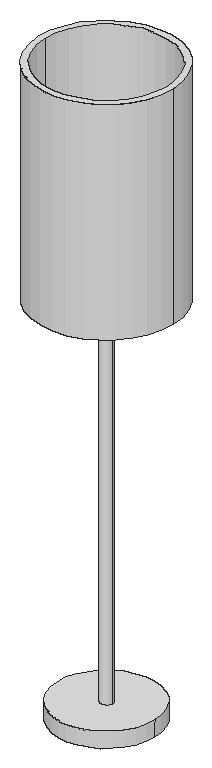
Revit family "Lighting-Surface-Amerlux-Rook-250-Mini-Direct-Indirect", category Lighting Fixtures, host Face, Revit 2020
Family settings
  Host = Face
  Round Connector Dimension = Use Diameter
  Part Type = Normal
  Cut with Voids When Loaded = No
  Light Source = Yes
  Shared = No
  Room Calculation Point = No
Parameters (values of type "RK250MRDI")
  Wattage = 9.2903 W
  built-in parameter 1150110 = 1 (stored number, unit not read)
  Voltage = 0 V
  URL = "http://www.amerlux.com/"
  built-in parameter 1114217 = 1 (stored number, unit not read)
  Tilt Angle = -90.00°
  built-in parameter 1150109 = 1 (stored number, unit not read)
  built-in parameter 1150134 = 3
  Suspension Length [instance] = 1' - 0"
  built-in parameter 1150113 = 1 (stored number, unit not read)
  Power Factor = 1
  Photometric Web File = "Load File"
  Number of Poles = 1
  built-in parameter 1150142 = (empty or 0)
  Model = "Rook 250 Mini"
  Manufacturer = "Amerlux"
  built-in parameter 1150105 = 109.82 (stored number, unit not read)
  Lumens = 1380 lm
  built-in parameter 1150115 = 1 (stored number, unit not read)
  built-in parameter 1150137 = (empty or 0)
  built-in parameter 1150139 = (empty or 0)
  built-in parameter 1150112 = 1 (stored number, unit not read)
  built-in parameter 1150114 = 1 (stored number, unit not read)
  built-in parameter 1150132 = (empty or 0)
  built-in parameter 1150102 = (empty or 0)
  built-in parameter 1150107 = 3200 (stored number, unit not read)
  built-in parameter 1150138 = (empty or 0)
  built-in parameter 1150106 = 1.0982 (stored number, unit not read)
  Height = 0' - 4 5/16"
  Fixture Finish = Aluminum Finish
  Emit from Circle Diameter = 0' - 2 1/2"
  Emit Shape Visible in Rendering = no
  built-in parameter 1150104 = 13.8 (stored number, unit not read)
  Dimming Lamp Color Temperature Shift = <None>
  Description = "Pendant"
  Default Elevation = 4' - 0"
  Color Filter = 16777215
  built-in parameter 1114218 = 1 (stored number, unit not read)
  built-in parameter 1150133 = 10 (stored number, unit not read)
  Apparent Load = 0 VA
Reference planes (in)
  plane 1 "Center (Front/Back)": y = 0
  plane 2: z = 0
  plane 3 "Center (Left/Right)": x = 0
  plane 4: z = 0
  plane 5: z = 12
Forms (in)
  Extrusion 1, solid, material "Aluminum Finish"
    sketch origin (0, 0, 0) x (1, 0, 0) y (0, 1, 0)
      loop
        circle (0, 0) r 1.375
    from 7.6875 to 12
  Extrusion 2, solid, material "Aluminum Finish"
    sketch origin (0, 0, 0) x (1, 0, 0) y (0, 1, 0)
      loop
        circle (0, 0) r 0.12492
    from 0 to 7.6875
  Extrusion 3, solid, material "Aluminum Finish"
    sketch origin (0, 0, 0) x (1, 0, 0) y (0, 1, 0)
      loop
        circle (0, 0) r 1
    from 0 to 0.31343
  Extrusion 4, void
    sketch origin (0, 0, 0) x (1, 0, 0) y (0, 1, 0)
      loop
        circle (0, 0) r 1.25
    from 10.12399 to 12
Cuts and joins
  Extrusion 4 cuts Extrusion 2
  Extrusion 4 cuts Extrusion 3
  Extrusion 4 cuts Extrusion 1
Dimensions and locks (in)
  plane 4 to host face = 0' - 0"
  "Height": Extrusion 1 to Extrusion 1
  "Suspension Length": plane 5 to host face
  locked: Extrusion 4 to Extrusion 1 at 1.87601
  diameter of Extrusion 1 sketch curve = 0' - 2 3/4"
  aligned and locked: plane 2 to host face
  aligned and locked: level to host face
  aligned and locked: plane 3 "Center (Left/Right)" to imposter light
  aligned and locked: imposter light to plane 1 "Center (Front/Back)"
  aligned and locked: plane 5 to Extrusion 1
  aligned and locked: plane 5 to imposter light
  aligned and locked: Extrusion 2 to Extrusion 1
  aligned and locked: Extrusion 2 to level
  aligned and locked: imposter light to Extrusion 4
Automatic sketch dimensions
  host sketch curve to host sketch curve = 8' - 0"  (x2)
  plane 1 "Center (Front/Back)" to Extrusion 1 sketch curve = 0' - 0"
  Extrusion 1 sketch curve to plane 3 "Center (Left/Right)" = 0' - 0"
  plane 1 "Center (Front/Back)" to Extrusion 2 sketch curve = 0' - 0"
  Extrusion 2 sketch curve to plane 3 "Center (Left/Right)" = 0' - 0"
  plane 1 "Center (Front/Back)" to Extrusion 3 sketch curve = 0' - 0"
  Extrusion 3 sketch curve to plane 3 "Center (Left/Right)" = 0' - 0"
  plane 1 "Center (Front/Back)" to Extrusion 4 sketch curve = 0' - 0"
  Extrusion 4 sketch curve to plane 3 "Center (Left/Right)" = 0' - 0"
  radius of Extrusion 2 sketch curve = 0' - 0.12492"
  radius of Extrusion 3 sketch curve = 0' - 1"
  radius of Extrusion 4 sketch curve = 0' - 1 1/4"
Connectors (in)
  electrical at (0, 0, 0), driven by "Number of Poles", driven by "Voltage", driven by "Apparent Load", driven by "Power Factor"
    settings: on cut or joined group of Extrusion 3, Extrusion 4, index 1, voltage 0 V, apparent load 0 VA, apparent load phase1 0 VA, apparent load phase2 0 VA, apparent load phase3 0 VA, power factor 1, load classification "Other", number of poles 1, system type 31, power factor state 1, is connector primary yes, connector utility no, sub classification motor no, connector description ""
